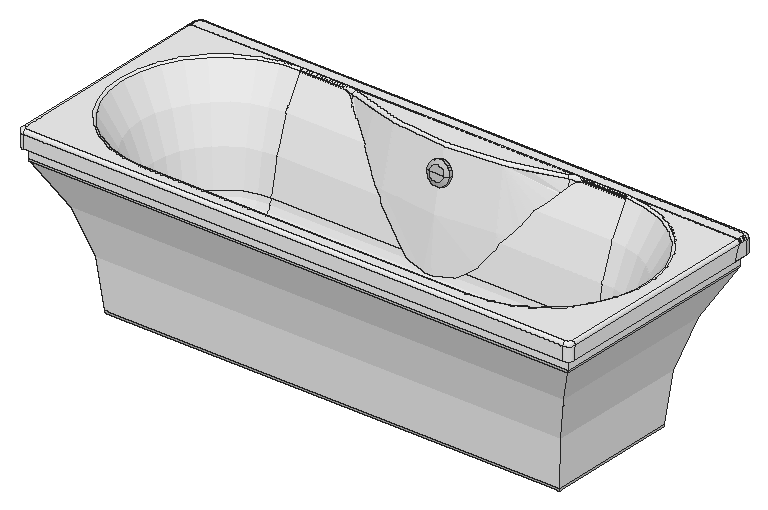
Revit family
Parameters (values of type "Sicily Bold")
  Width = 700 mm  # constant formula
  Waste Connection Radius = Waste Connection Diameter / 2  # 20 mm
  Waste Connection = 1 = 1  # yes
  Vent Connection = 1 = 0  # no
  URL = "http://www.librabath.co.za/"
  Surround Visibility = yes
  Product Code = ""
  Omniclass Title = "Bathtubs"
  Omniclass Number = "23.45.05.14.21"
  Not Surround = not(Surround Visibility)  # no
  Model = "Sicily Bold Bath"
  Manufacturer = "Libra Bathrooms"  # constant formula
  Length = 1700 mm  # constant formula
  Height with Surround = 525 mm  # constant formula
  Height = 420 mm  # constant formula
  HW Connection = 1 = 0  # no
  H = if(Surround Visibility, 525 mm, 420 mm)  # 525 mm
  Family created by = "www.rbuiltcomponents.com"
  Waste Connection Diameter = 40 mm
  CW Connection = 1 = 0  # no
  Body Finish = Acrylic-Libra-White
  Assembly Code = "D2010500"
Reference planes
  plane 1 "Bottom": z = 0
  plane 2 "Center (Left/Right)": x = 0
  plane 3 "Center (Front/Back)": y = -75
  plane 4 "Left": x = -850
  plane 5 "Right": x = 850
  plane 6 "Back": y = 275
  plane 7 "Front": y = -425
  plane 8 "Top": z = 525
Forms (mm)
  Sweep 1, solid, material "Acrylic-Libra-White" <- "Body Finish", visible <- "Surround Visibility"
    path origin (0, 0, 525) x (-1, 0, 0) y (0, -1, 0)
      loop
        line (830, 405) -> (-830, 405) -> (-830, -255) -> (830, -255) -> (830, 405)
    profile origin (-830, -75, 525) x (-1, 0, 0) y (0, 0, 1)
      loop
        line (0, -50) -> (-10, -50) -> (-10, -86.952)
        arc (-10, -86.952) -> (-106.783, -291.323) -> (-140, -515) r 769.712
        line (-140, -515) -> (-180, -515) -> (-180, -525) -> (-140, -525)
        arc (-140, -525) -> (-132.929, -522.071) -> (-130, -515) r 10
        arc (-130, -515) -> (-97.215, -294.229) -> (-1.689, -92.513) r 759.712
        arc (-1.689, -92.513) -> (-0.432, -89.858) -> (0, -86.952) r 10
        line (0, -86.952) -> (0, -50)
  Extrusion 2, solid, material "Acrylic-Libra-White" <- "Body Finish", visible <- "Surround Visibility"
    sketch origin (0, 0, 0) x (1, 0, 0) y (0, 1, 0)
      loop
        line (650, 75) -> (-650, 75) -> (-650, -225) -> (650, -225) -> (650, 75)
    from 0 to 10
Cuts and joins
  joined: Sweep 1, Extrusion 2
Lines and regions (mm)
  Masking region 1, visible <- "Surround Visibility"
    outline origin (0, -75, 0) x (1, 0, 0) y (0, 0, 1)
      loop
        arc (-840, 525) -> (-847.071, 522.071) -> (-850, 515) r 10
        line (-850, 515) -> (-850, 475) -> (-830, 475) -> (-830, 435)
        arc (-830, 435) -> (-731.78, 227.433) -> (-700.066, 0) r 759.712
        line (-700.066, 0) -> (700.066, 0)
        arc (700.066, 0) -> (731.78, 227.433) -> (830, 435) r 759.712
        line (830, 435) -> (830, 475) -> (850, 475) -> (850, 515)
        arc (850, 515) -> (847.071, 522.071) -> (840, 525) r 10
        line (840, 525) -> (-840, 525)
  Masking region 2, visible <- "Surround Visibility"
    outline origin (0, 0, 0) x (0, 1, 0) y (0, 0, 1)
      loop
        arc (-415, 525) -> (-422.071, 522.071) -> (-425, 515) r 10
        line (-425, 515) -> (-425, 475) -> (-405, 475) -> (-405, 435)
        arc (-405, 435) -> (-306.78, 227.433) -> (-275.066, 0) r 759.712
        line (-275.066, 0) -> (125.066, 0)
        arc (125.066, 0) -> (156.78, 227.433) -> (255, 435) r 759.712
        line (255, 435) -> (255, 475) -> (275, 475) -> (275, 515)
        arc (275, 515) -> (272.071, 522.071) -> (265, 525) r 10
        line (265, 525) -> (-415, 525)
  symbolic lines, style "Tub", visible <- "Surround Visibility"
    curve 1: line (-830, -75, 475) -> (830, -75, 475)
    curve 2: line (0, -405, 475) -> (0, 255, 475)
Dimensions and locks
  equal spacing: plane 4 "Left", plane 2 "Center (Left/Right)", plane 5 "Right"
  "Length": plane 4 "Left" to plane 5 "Right"
  equal spacing: plane 7 "Front", plane 3 "Center (Front/Back)", plane 6 "Back"
  "Width": plane 7 "Front" to plane 6 "Back"
  "H": plane 8 "Top" to plane 1 "Bottom"
  locked: plane 4 "Left" to Sweep 1 sketch curve at 20
  locked: Sweep 1 sketch curve to plane 5 "Right" at 20
  locked: Sweep 1 sketch curve to plane 6 "Back" at 20
  locked: plane 7 "Front" to Sweep 1 sketch curve at 20
  aligned and locked: Extrusion 2 sketch curve to Sweep 1  (x4)
  aligned and locked: plane 2 "Center (Left/Right)" to nested 1
  aligned and locked: plane 3 "Center (Front/Back)" to nested 1
  aligned and locked: plane 8 "Top" to nested 1
  aligned and locked: Masking region 1 sketch curve to plane 8 "Top"
  aligned and locked: Masking region 1 sketch curve to plane 4 "Left"
  aligned and locked: Masking region 1 sketch curve to plane 5 "Right"
  aligned and locked: Masking region 1 sketch curve to cut or joined group of Sweep 1, Extrusion 2  (x5)
  aligned and locked: curve 1 to Masking region 1
  aligned and locked: curve 1 to cut or joined group of Sweep 1, Extrusion 2
  aligned and locked: Masking region 2 sketch curve to plane 8 "Top"
  aligned and locked: Masking region 2 sketch curve to plane 7 "Front"
  aligned and locked: Masking region 2 sketch curve to plane 6 "Back"
  aligned and locked: Masking region 2 sketch curve to cut or joined group of Sweep 1, Extrusion 2  (x5)
  aligned and locked: curve 2 to Masking region 2
  aligned and locked: curve 2 to cut or joined group of Sweep 1, Extrusion 2
Automatic sketch dimensions
  Sweep 1 sketch curve to profile plane = 0 mm
  profile plane to Sweep 1 sketch curve = 1.689 mm
  Sweep 1 sketch curve to Sweep 1 sketch curve = 0 mm  (x7)
  profile plane to Sweep 1 sketch curve = 130 mm
  Sweep 1 sketch curve to plane 8 "Top" = 525 mm
  Sweep 1 sketch curve to Sweep 1 sketch curve = 36.952 mm
  Sweep 1 sketch curve to Sweep 1 sketch curve = 40 mm
  Sweep 1 sketch curve to Sweep 1 sketch curve = 8.311 mm
  Masking region 1 sketch curve to level = 0 mm
  plane 4 "Left" to Masking region 1 sketch curve = 10 mm
  Masking region 1 sketch curve to plane 5 "Right" = 10 mm
  Masking region 1 sketch curve to Masking region 1 sketch curve = 40 mm
  curve 1 to plane 5 "Right" = 20 mm
  Masking region 2 sketch curve to plane 7 "Front" = 10 mm
  plane 6 "Back" to Masking region 2 sketch curve = 10 mm
  Masking region 2 sketch curve to Masking region 2 sketch curve = 40 mm
  Masking region 2 sketch curve to level = 0 mm
  plane 6 "Back" to curve 2 = 20 mm
Nested families
  nested 1: "Libra-Siciliy_Bold" at (0, 0, 105), type "Sicily Bold"
Connectors
  piping at (0, 5, 112.5), driven by "Waste Connection Radius"
    settings: on nested 1, index 1
Definition of nested family "Libra-Siciliy_Bold"
  Parameters (values of type "Sicily Bold")
    Width = 700 mm  # constant formula
    Waste Connection Radius = Waste Connection Diameter / 2  # 20 mm
    Waste Connection = 1 = 1  # yes
    Vent Connection = 1 = 0  # no
    URL = "http://www.librabath.co.za/"
    Product Code = ""
    Omniclass Title = "Bathtubs"
    Omniclass Number = "23.45.05.14.21"
    Model = "Sicily Bold Bath"
    Mask Visibility = yes
    Manufacturer = "Libra Bathrooms"  # constant formula
    Length = 1700 mm  # constant formula
    Height = 420 mm  # constant formula
    HW Connection = 1 = 0  # no
    Family created by = "www.rbuiltcomponents.com"
    Waste Connection Diameter = 40 mm
    CW Connection = 1 = 0  # no
    Body Finish = Acrylic-Libra-White
    Assembly Code = "D2010500"
  Reference planes
    plane 1 "Bottom": z = 0
    plane 2 "Center (Left/Right)": x = 0
    plane 3 "Center (Front/Back)": y = -75
    plane 4 "Waste": y = 5
    plane 5 "Left": x = -850
    plane 6 "Right": x = 850
    plane 7 "Back": y = 275
    plane 8 "Front": y = -425
    plane 9 "Top": z = 420
  Forms (mm)
    Extrusion 1, solid, material "Acrylic-Libra-White" <- "Body Finish"
      sketch origin (0, 0, 0) x (1, 0, 0) y (0, 1, 0)
        loop
          arc (-385, 35) -> (-427.426, 17.426) -> (-445, -25) r 60
          line (-445, -25) -> (-445, -125)
          arc (-445, -125) -> (-427.426, -167.426) -> (-385, -185) r 60
          line (-385, -185) -> (385, -185)
          arc (385, -185) -> (427.426, -167.426) -> (445, -125) r 60
          line (445, -125) -> (445, -25)
          arc (445, -25) -> (427.426, 17.426) -> (385, 35) r 60
          line (385, 35) -> (-385, 35)
      from 0 to 25
    Revolve 2, solid, material "Chrome"
      sketch origin (0, 30, -145.236) x (0, 1, 0) y (0, 0, 1)
        loop
          line (-25, 178.305) -> (-4.743, 178.305) -> (4.013, 181.149)
          arc (4.013, 181.149) -> (4.347, 181.804) -> (3.692, 182.138) r 0.52
          line (3.692, 182.138) -> (-6.058, 178.97)
          arc (-6.058, 178.97) -> (-5.87, 179.787) -> (-6.562, 180.26) r 0.744
          line (-6.562, 180.26) -> (-25, 180.26) -> (-25, 178.305)
        axis (-25, 178.305) -> (-25, 182.138)
      angle from 0 to 360
    Revolve 3, solid, material "Chrome"
      sketch origin (-26.889, -566.974, 501.896) x (-0.140438, -0.967546, 0.210075) y (0.990089, -0.137241, 0.029798)
        loop
          line (-706.831, -73.076) -> (-720.694, -75.025) -> (-715.823, -109.684) -> (-708.351, -108.634) -> (-703.724, -95.184) -> (-706.831, -73.076)
        axis (-720.694, -75.025) -> (-706.831, -73.076)
      angle from 0 to 360
    Sweep 4, solid, material "Acrylic-Libra-White" <- "Body Finish"
      path origin (0, 0, 420) x (-1, 0, 0) y (0, -1, 0)
        loop
          arc (500, -235) -> (810, 75) -> (500, 385) r 310
          line (500, 385) -> (-500, 385)
          arc (-500, 385) -> (-810, 75) -> (-500, -235) r 310
          line (-500, -235) -> (500, -235)
      profile origin (-810, -75, 420) x (1, 0, 0) y (0, 0, 1)
        loop
          line (-0.222, 0) -> (-205, 0) -> (-205, -50) -> (25.285, -50)
          arc (25.285, -50) -> (81.412, -173.593) -> (110.59, -306.16) r 648.712
          arc (110.59, -306.16) -> (143.317, -369.552) -> (209.965, -395) r 100
          line (209.965, -395) -> (295, -395) -> (295, -385) -> (209.965, -385)
          arc (209.965, -385) -> (149.982, -362.097) -> (120.528, -305.044) r 90
          arc (120.528, -305.044) -> (82.871, -147.72) -> (8.007, -4.319) r 658.712
          arc (8.007, -4.319) -> (4.425, -1.145) -> (-0.222, 0) r 10
    Sweep 5, void
      path origin (0, 0, 0) x (1, 0, 0) y (0, 1, 0)
        loop
          line (-445, -25) -> (-445, -125)
          arc (-445, -125) -> (-427.426, -167.426) -> (-385, -185) r 60
          line (-385, -185) -> (-100, -185)
          arc (-100, -185) -> (-57.574, -167.426) -> (-40, -125) r 60
          line (-40, -125) -> (-40, -25)
          arc (-40, -25) -> (-57.574, 17.426) -> (-100, 35) r 60
          line (-100, 35) -> (-385, 35)
          arc (-385, 35) -> (-427.426, 17.426) -> (-445, -25) r 60
      profile origin (-445, -75, 0) x (1, 0, 0) y (0, 0, 1)
        loop
          line (0, 35) -> (-60, 35) -> (-60, 0) -> (20.207, 0) -> (0, 35)
    Revolve 6, solid, material "Acrylic-Libra-White" <- "Body Finish"
      sketch origin (0, 0, 0) x (0, 1, 0) y (0, 0, 1)
        loop
          line (5, 32.5) -> (5, 7.5) -> (30, 7.5)
          arc (30, 7.5) -> (33.536, 8.964) -> (35, 12.5) r 5
          line (35, 12.5) -> (35, 32.5) -> (5, 32.5)
        axis (5, 32.5) -> (5, 7.5)
      angle from 0 to 360
    Revolve 7, void
      sketch origin (0, 0, -90.682) x (0, 1, 0) y (0, 0, 1)
        loop
          line (-15, 120.706) -> (-15, 90.682) -> (5, 90.682) -> (5, 127.5) -> (-26.768, 127.5) -> (-15, 120.706)
        axis (5, 127.5) -> (5, 90.682)
      angle from 0 to 360
    Extrusion 8, solid, material "Acrylic-Libra-White" <- "Body Finish"
      sketch origin (0, 0, 0) x (1, 0, 0) y (0, 1, 0)
        loop
          arc (-500, -60) -> (-515, -75) -> (-500, -90) r 15
          line (-500, -90) -> (500, -90)
          arc (500, -90) -> (515, -75) -> (500, -60) r 15
          line (500, -60) -> (-500, -60)
      from 25 to 35
    Sweep 9, void
      path origin (0, 0, 420) x (-1, 0, 0) y (0, -1, 0)
        loop
          arc (830, -275) -> (844.142, -269.142) -> (850, -255) r 20
          line (850, -255) -> (850, 405)
          arc (850, 405) -> (844.142, 419.142) -> (830, 425) r 20
          line (830, 425) -> (-830, 425)
          arc (-830, 425) -> (-844.142, 419.142) -> (-850, 405) r 20
          line (-850, 405) -> (-850, -255)
          arc (-850, -255) -> (-844.142, -269.142) -> (-830, -275) r 20
          line (-830, -275) -> (830, -275)
      profile origin (0, 275, 420) x (0, 1, 0) y (0, 0, 1)
        loop
          arc (-10, 0) -> (-2.929, -2.929) -> (0, -10) r 10
          line (0, -10) -> (0, -50) -> (200, -50) -> (200, 0) -> (-10, 0)
    Sweep 10, void
      path origin (0, 0, 0) x (-1, 0, 0) y (0, 1, 0)
        loop
          line (-445, -25) -> (-445, -125)
          arc (-445, -125) -> (-427.426, -167.426) -> (-385, -185) r 60
          line (-385, -185) -> (-100, -185)
          arc (-100, -185) -> (-57.574, -167.426) -> (-40, -125) r 60
          line (-40, -125) -> (-40, -25)
          arc (-40, -25) -> (-57.574, 17.426) -> (-100, 35) r 60
          line (-100, 35) -> (-385, 35)
          arc (-385, 35) -> (-427.426, 17.426) -> (-445, -25) r 60
      profile origin (445, -75, 0) x (1, 0, 0) y (0, 0, 1)
        loop
          line (0, 35) -> (-20.207, 0) -> (60, 0) -> (60, 35) -> (0, 35)
    Sweep 11, solid, material "Acrylic-Libra-White" <- "Body Finish"
      path origin (0, 0, 420) x (-1, 0, 0) y (0, -1, 0)
        loop
          line (854.886, -235) -> (364.886, -235)
          arc (364.886, -235) -> (346.319, -233.261) -> (328.397, -228.105) r 100
          arc (328.397, -228.105) -> (0, -166.052) -> (-328.397, -228.105) r 900
          arc (-328.397, -228.105) -> (-346.319, -233.261) -> (-364.886, -235) r 100
          line (-364.886, -235) -> (-854.886, -235)
      profile origin (-609.886, 235, 420) x (0, 1, 0) y (0, 0, 1)
        loop
          arc (0.222, 0) -> (-5.865, -2.066) -> (-9.437, -7.412) r 10
          arc (-9.437, -7.412) -> (-50.65, -211.928) -> (-65.856, -420) r 1658.2
          line (-65.856, -420) -> (-55.855, -420)
          arc (-55.855, -420) -> (-43.404, -233.698) -> (-9.961, -50) r 1648.2
          line (-9.961, -50) -> (205, -50) -> (205, 0) -> (0.222, 0)
    Sweep 12, void
      path origin (0, 0, 420) x (-1, 0, 0) y (0, -1, 0)
        loop
          arc (810, 75) -> (719.203, -144.203) -> (500, -235) r 310
          line (500, -235) -> (-500, -235)
          arc (-500, -235) -> (-719.203, -144.203) -> (-810, 75) r 310
      profile origin (0, 235, 420) x (0, 1, 0) y (0, 0, 1)
        loop
          line (205, -50) -> (-31.076, -50)
          arc (-31.076, -50) -> (-86.617, -173.405) -> (-115.559, -305.602) r 653.712
          arc (-115.559, -305.602) -> (-129.709, -346.756) -> (-160, -378.002) r 100
          line (-160, -378.002) -> (-160, -420) -> (205, -420) -> (205, -50)
  Cuts and joins
    Sweep 5, Revolve 7, Sweep 10 cuts Extrusion 1
    Sweep 9 cuts Revolve 3
    Revolve 7, Sweep 9 cuts Sweep 4
    Revolve 7, Sweep 9 cuts Revolve 6
    Sweep 9 cuts Extrusion 8
    joined: Sweep 4, Revolve 6, Extrusion 8
    Sweep 9, Sweep 12 cuts Sweep 11
  Lines and regions (mm)
    Masking region 1
      outline origin (0, 0, 0) x (1, 0, 0) y (0, 1, 0)
        loop
          arc (-830, 275) -> (-844.142, 269.142) -> (-850, 255) r 20
          line (-850, 255) -> (-850, -405)
          arc (-850, -405) -> (-844.142, -419.142) -> (-830, -425) r 20
          line (-830, -425) -> (830, -425)
          arc (830, -425) -> (844.142, -419.142) -> (850, -405) r 20
          line (850, -405) -> (850, 255)
          arc (850, 255) -> (844.142, 269.142) -> (830, 275) r 20
          line (830, 275) -> (-830, 275)
    Masking region 2, visible <- "Mask Visibility"
      outline origin (0, -75, 0) x (1, 0, 0) y (0, 0, 1)
        loop
          arc (-845, 420) -> (-848.536, 418.536) -> (-850, 415) r 5
          line (-850, 415) -> (-850, 370) -> (-765, 370)
          arc (-765, 370) -> (-667.617, 251.208) -> (-592.515, 117.212) r 874.738
          arc (-592.515, 117.212) -> (-537.824, 53.236) -> (-457.286, 28.786) r 150
          line (-457.286, 28.786) -> (-391.016, 28.1) -> (-374.793, 0) -> (-109.793, 0) -> (-95.359, 25) -> (-44.226, 25) -> (-29.793, 0) -> (29.793, 0) -> (44.226, 25) -> (95.359, 25) -> (109.793, 0) -> (374.793, 0) -> (391.016, 28.1) -> (457.286, 28.786)
          arc (457.286, 28.786) -> (537.824, 53.236) -> (592.515, 117.212) r 150
          arc (592.515, 117.212) -> (667.617, 251.208) -> (765, 370) r 874.738
          line (765, 370) -> (850, 370) -> (850, 415)
          arc (850, 415) -> (848.536, 418.536) -> (845, 420) r 5
          line (845, 420) -> (-845, 420)
    Masking region 3, visible <- "Mask Visibility"
      outline origin (0, 0, 0) x (0, 1, 0) y (0, 0, 1)
        loop
          arc (-420, 420) -> (-423.536, 418.536) -> (-425, 415) r 5
          line (-425, 415) -> (-425, 370) -> (-360, 370)
          arc (-360, 370) -> (-304.068, 242.426) -> (-275.806, 106.027) r 668.093
          arc (-275.806, 106.027) -> (-246.638, 48.263) -> (-186.254, 25) r 90
          line (-186.254, 25) -> (-180.109, 25) -> (-165.676, 0) -> (15.676, 0) -> (30.109, 25) -> (36.254, 25)
          arc (36.254, 25) -> (96.638, 48.263) -> (125.806, 106.027) r 90
          arc (125.806, 106.027) -> (154.068, 242.426) -> (210, 370) r 668.093
          line (210, 370) -> (275, 370) -> (275, 415)
          arc (275, 415) -> (273.536, 418.536) -> (270, 420) r 5
          line (270, 420) -> (-420, 420)
    symbolic lines, detail levels fine
      curve 1: circle (0, 5, 150) r 20 normal (0, 0, -1)
      curve 2: circle (0, 5, 150) r 35 normal (0, 0, -1)
    symbolic lines, style "Tub", detail levels fine
      curve 3: line (400, 130, 0) -> (-400, 130, 0)
      curve 4: line (400, -280, 0) -> (-400, -280, 0)
      curve 16: arc (-400, 130, 0) -> (-605, -75, 0) -> (-400, -280, 0) r 205
      curve 17: arc (400, 130, 0) -> (605, -75, 0) -> (400, -280, 0) r 205
    symbolic lines, style "Tub"
      curve 5: line (500, 235, 0) -> (318.289, 235, 0)
      curve 6: line (500, -385, 0) -> (-500, -385, 0)
      curve 12: arc (-500, 235, 0) -> (-810, -75, 0) -> (-500, -385, 0) r 310
      curve 13: arc (500, 235, 0) -> (810, -75, 0) -> (500, -385, 0) r 310
      curve 14: arc (318.289, 235, 0) -> (0, 168.957, 0) -> (-318.289, 235, 0) r 800
      curve 15: line (-318.289, 235, 0) -> (-500, 235, 0)
    symbolic lines, style "Tub", visible <- "Mask Visibility"
      curve 7: line (-390.333, -75, 28.913) -> (-95.359, -75, 25)
      curve 8: line (0, -180.109, 25) -> (0, 28.383, 25)
      curve 9: line (-47.835, -75, 25) -> (47.835, -75, 25)
      curve 10: line (-765, -75, 370) -> (765, -75, 370)
      curve 11: line (0, -360, 370) -> (0, 210, 370)
      curve 18: line (390.333, -75, 28.913) -> (95.359, -75, 25)
  Dimensions and locks
    equal spacing: plane 5 "Left", plane 2 "Center (Left/Right)", plane 6 "Right"
    "Length": plane 5 "Left" to plane 6 "Right"
    equal spacing: plane 8 "Front", plane 3 "Center (Front/Back)", plane 7 "Back"
    "Width": plane 8 "Front" to plane 7 "Back"
    locked: plane 3 "Center (Front/Back)" to plane 4 "Waste" at 80
    plane 9 "Top" to plane 1 "Bottom" = 420 mm
    aligned and locked: cut or joined group of Extrusion 1, Sweep 5, Revolve 7, Sweep 10 to plane 1 "Bottom"
    aligned and locked: plane 7 "Back" to Masking region 1 sketch curve
    aligned and locked: plane 8 "Front" to Masking region 1 sketch curve
    aligned and locked: Masking region 1 sketch curve to plane 5 "Left"
    aligned and locked: Masking region 1 sketch curve to plane 6 "Right"
    aligned and locked: cut or joined group of Extrusion 1, Sweep 5, Revolve 7, Sweep 10 to Sweep 5 sketch curve  (x2)
    aligned and locked: Sweep 5 sketch curve to cut or joined group of Extrusion 1, Sweep 5, Revolve 7, Sweep 10
    aligned and locked: plane 4 "Waste" to Revolve 6 sketch curve
    aligned and locked: Masking region 2 sketch curve to plane 9 "Top"
    aligned and locked: Masking region 2 sketch curve to plane 5 "Left"
    aligned and locked: Masking region 2 to curve 10
    aligned and locked: Masking region 3 sketch curve to plane 9 "Top"
    aligned and locked: Masking region 3 sketch curve to plane 8 "Front"
    aligned and locked: Masking region 3 to curve 11
    aligned and locked: profile plane to Sweep 4 sketch curve
    aligned and locked: plane 7 "Back" to Sweep 9 sketch curve
    aligned and locked: Sweep 9 sketch curve to plane 6 "Right"
    aligned and locked: Sweep 9 sketch curve to profile plane
    aligned and locked: Masking region 2 to curve 7
    aligned and locked: curve 8 to cut or joined group of Extrusion 1, Sweep 5, Revolve 7, Sweep 10
    aligned: Masking region 3 to curve 8
  Automatic sketch dimensions
    curve 1 to curve 2 = 0 mm  (x2)
    curve 2 to plane 2 "Center (Left/Right)" = 0 mm
    curve 2 to plane 4 "Waste" = 0 mm
    plane 5 "Left" to Masking region 1 sketch curve = 20 mm  (x2)
    Masking region 1 sketch curve to plane 6 "Right" = 20 mm  (x2)
    plane 3 "Center (Front/Back)" to Extrusion 1 sketch curve = 50 mm
    plane 5 "Left" to Extrusion 1 sketch curve = 405 mm
    Extrusion 1 sketch curve to Extrusion 1 sketch curve = 60 mm  (x2)
    Extrusion 1 sketch curve to plane 4 "Waste" = 30 mm
    plane 2 "Center (Left/Right)" to Extrusion 1 sketch curve = 385 mm
    plane 4 "Waste" to Extrusion 1 sketch curve = 30 mm
    Extrusion 1 sketch curve to Extrusion 1 sketch curve = 0 mm
    Revolve 2 sketch curve to plane 4 "Waste" = 0 mm  (x2)
    Revolve 2 sketch curve to Revolve 2 sketch curve = 18.437 mm
    Revolve 2 sketch curve to Revolve 2 sketch curve = 0.504 mm
    Revolve 2 sketch curve to Revolve 2 sketch curve = 1.315 mm
    Revolve 2 sketch curve to Revolve 2 sketch curve = 8.435 mm
    Revolve 2 sketch curve to Revolve 2 sketch curve = 0.161 mm  (x2)
    level to Revolve 2 sketch curve = 10.513 mm
    Revolve 2 sketch curve to Revolve 2 sketch curve = 22.555 mm
    Revolve 2 sketch curve to Revolve 2 sketch curve = 0.666 mm
    Revolve 2 sketch curve to Revolve 2 sketch curve = 0.547 mm
    Revolve 2 sketch curve to Revolve 2 sketch curve = 2.845 mm
    Revolve 2 sketch curve to Revolve 2 sketch curve = 0.494 mm
    Revolve 2 sketch curve to Revolve 2 sketch curve = 14.051 mm
    Sweep 4 sketch curve to plane 3 "Center (Front/Back)" = 0 mm
    Sweep 4 sketch curve to plane 8 "Front" = 40 mm
    Sweep 4 sketch curve to plane 6 "Right" = 350 mm
    plane 5 "Left" to Sweep 4 sketch curve = 350 mm
    Sweep 4 sketch curve to Sweep 4 sketch curve = 0 mm  (x7)
    profile plane to Sweep 4 sketch curve = 534.069 mm
    Sweep 4 sketch curve to plane 9 "Top" = 50 mm
    profile plane to Sweep 4 sketch curve = 205 mm
    profile plane to Sweep 4 sketch curve = 0.222 mm
    Sweep 4 sketch curve to plane 9 "Top" = 4.319 mm
    Sweep 4 sketch curve to profile plane = 8.007 mm
    Sweep 4 sketch curve to profile plane = 25.285 mm
    Sweep 4 sketch curve to profile plane = 110.59 mm
    Sweep 4 sketch curve to Sweep 4 sketch curve = 89.438 mm
    Sweep 4 sketch curve to Sweep 4 sketch curve = 85.035 mm
    Revolve 6 sketch curve to plane 4 "Waste" = 0 mm
    Revolve 6 sketch curve to level = 0 mm
    level to Revolve 6 sketch curve = 7.5 mm
    Revolve 6 sketch curve to Revolve 6 sketch curve = 25 mm  (x3)
    Revolve 6 sketch curve to Revolve 6 sketch curve = 5 mm
    Revolve 7 sketch curve to level = 0 mm
    Revolve 7 sketch curve to plane 4 "Waste" = 0 mm  (x2)
    plane 4 "Waste" to Revolve 7 sketch curve = 20 mm
    Revolve 7 sketch curve to Revolve 7 sketch curve = 11.768 mm
    level to Revolve 7 sketch curve = 17.318 mm
    Revolve 7 sketch curve to Revolve 7 sketch curve = 12.706 mm
    Revolve 7 sketch curve to Revolve 7 sketch curve = 19.5 mm
    Revolve 7 sketch curve to Revolve 7 sketch curve = 25.5 mm
    Extrusion 8 sketch curve to plane 3 "Center (Front/Back)" = 0 mm
    Extrusion 8 sketch curve to plane 3 "Center (Front/Back)" = 15 mm
    plane 5 "Left" to Extrusion 8 sketch curve = 350 mm
    Extrusion 8 sketch curve to plane 6 "Right" = 350 mm
    Sweep 9 sketch curve to plane 8 "Front" = 0 mm
    Sweep 9 sketch curve to plane 5 "Left" = 0 mm
    Sweep 9 sketch curve to plane 6 "Right" = 20 mm  (x2)
    plane 5 "Left" to Sweep 9 sketch curve = 20 mm  (x2)
    Sweep 9 sketch curve to profile plane = 0 mm
    profile plane to Sweep 9 sketch curve = 10 mm
    Sweep 9 sketch curve to profile plane = 200 mm
    Sweep 9 sketch curve to Sweep 9 sketch curve = 40 mm
    Sweep 10 sketch curve to plane 4 "Waste" = 30 mm  (x2)
    plane 6 "Right" to Sweep 10 sketch curve = 405 mm
    Sweep 10 sketch curve to Sweep 10 sketch curve = 60 mm  (x3)
    Sweep 10 sketch curve to plane 2 "Center (Left/Right)" = 100 mm
    Sweep 10 sketch curve to plane 3 "Center (Front/Back)" = 50 mm
    Sweep 11 sketch curve to plane 2 "Center (Left/Right)" = 0 mm
    plane 7 "Back" to Sweep 11 sketch curve = 46.895 mm  (x2)
    plane 2 "Center (Left/Right)" to Sweep 11 sketch curve = 328.397 mm
    Sweep 11 sketch curve to Sweep 11 sketch curve = 0 mm  (x5)
    Sweep 11 sketch curve to Sweep 11 sketch curve = 36.489 mm  (x2)
    plane 6 "Right" to Sweep 11 sketch curve = 4.886 mm
    Sweep 11 sketch curve to plane 5 "Left" = 4.886 mm
    Sweep 11 sketch curve to Sweep 11 sketch curve = 6.895 mm
    Sweep 11 sketch curve to plane 9 "Top" = 0 mm
    profile plane to Sweep 11 sketch curve = 65.856 mm
    Sweep 11 sketch curve to Sweep 11 sketch curve = 10.001 mm
    profile plane to Sweep 11 sketch curve = 9.961 mm
    profile plane to Sweep 11 sketch curve = 9.437 mm
    Sweep 11 sketch curve to profile plane = 0.222 mm
    Sweep 11 sketch curve to Sweep 11 sketch curve = 204.778 mm
    Sweep 11 sketch curve to plane 9 "Top" = 436.586 mm
    Sweep 11 sketch curve to Sweep 11 sketch curve = 1387.261 mm
    Sweep 12 sketch curve to plane 3 "Center (Front/Back)" = 0 mm  (x2)
    Sweep 12 sketch curve to plane 6 "Right" = 40 mm
    plane 7 "Back" to Sweep 12 sketch curve = 40 mm
    plane 5 "Left" to Sweep 12 sketch curve = 350 mm
    plane 5 "Left" to Sweep 12 sketch curve = 40 mm
    Sweep 12 sketch curve to Sweep 12 sketch curve = 310 mm
    Sweep 12 sketch curve to Sweep 12 sketch curve = 44.441 mm
    Sweep 12 sketch curve to Sweep 12 sketch curve = 0 mm
    profile plane to Sweep 12 sketch curve = 31.076 mm
    Sweep 12 sketch curve to profile plane = 205 mm
    Sweep 12 sketch curve to plane 9 "Top" = 420 mm
    Sweep 12 sketch curve to Sweep 12 sketch curve = 41.998 mm
    Sweep 12 sketch curve to Sweep 12 sketch curve = 41.443 mm
    Sweep 12 sketch curve to Sweep 12 sketch curve = 54.934 mm
    Sweep 12 sketch curve to Sweep 12 sketch curve = 329.069 mm
    Sweep 12 sketch curve to Sweep 12 sketch curve = 84.483 mm
    plane 2 "Center (Left/Right)" to Revolve 3 sketch curve = 0.083 mm
    Revolve 3 sketch curve to Revolve 3 sketch curve = 31.022 mm
    Revolve 3 sketch curve to Revolve 3 sketch curve = 4.871 mm
    Revolve 3 sketch curve to Revolve 3 sketch curve = 7.473 mm
    Revolve 3 sketch curve to Revolve 3 sketch curve = 13.54 mm
    Revolve 3 sketch curve to Revolve 3 sketch curve = 0.324 mm
    Revolve 3 sketch curve to Revolve 3 sketch curve = 4.627 mm
    Revolve 3 sketch curve to Revolve 3 sketch curve = 15.8 mm
    Revolve 3 sketch curve to Revolve 3 sketch curve = 13.449 mm
    Revolve 3 sketch curve to Revolve 3 sketch curve = 0.046 mm
    curve 12 to plane 3 "Center (Front/Back)" = 0 mm
    curve 14 to plane 2 "Center (Left/Right)" = 0 mm
    curve 13 to plane 3 "Center (Front/Back)" = 0 mm
    plane 7 "Back" to curve 14 = 40 mm
    curve 14 to plane 2 "Center (Left/Right)" = 318.289 mm
    curve 16 to curve 15 = 81.711 mm
    curve 12 to curve 16 = 100 mm
    curve 17 to plane 8 "Front" = 145 mm
    plane 2 "Center (Left/Right)" to curve 17 = 400 mm
    curve 17 to curve 13 = 100 mm
    curve 14 to plane 7 "Back" = 693.957 mm
    curve 17 to plane 3 "Center (Front/Back)" = 0 mm
    Masking region 2 sketch curve to level = 0 mm  (x3)
    Masking region 2 sketch curve to plane 6 "Right" = 0 mm
    Masking region 2 sketch curve to level = 241.817 mm  (x2)
    Masking region 2 sketch curve to plane 5 "Left" = 540.177 mm
    plane 5 "Left" to Masking region 2 sketch curve = 5 mm
    plane 5 "Left" to Masking region 2 sketch curve = 85 mm
    plane 5 "Left" to Masking region 2 sketch curve = 257.485 mm
    Masking region 2 sketch curve to Masking region 2 sketch curve = 0 mm  (x2)
    level to Masking region 2 sketch curve = 28.786 mm  (x2)
    Masking region 2 sketch curve to Masking region 2 sketch curve = 135.229 mm
    Masking region 2 sketch curve to Masking region 2 sketch curve = 136.783 mm  (x2)
    level to Masking region 2 sketch curve = 28.1 mm  (x2)
    Masking region 2 sketch curve to Masking region 2 sketch curve = 66.27 mm  (x2)
    Masking region 2 sketch curve to Masking region 2 sketch curve = 16.223 mm  (x2)
    Masking region 2 sketch curve to plane 2 "Center (Left/Right)" = 109.793 mm
    level to Masking region 2 sketch curve = 25 mm  (x2)
    Masking region 2 sketch curve to Masking region 2 sketch curve = 14.434 mm  (x4)
    Masking region 2 sketch curve to plane 2 "Center (Left/Right)" = 44.226 mm
    plane 2 "Center (Left/Right)" to Masking region 2 sketch curve = 29.793 mm
    Masking region 2 sketch curve to Masking region 2 sketch curve = 51.132 mm
    Masking region 2 sketch curve to Masking region 2 sketch curve = 265 mm
    Masking region 2 sketch curve to Masking region 2 sketch curve = 64.716 mm
    Masking region 2 sketch curve to plane 9 "Top" = 50 mm
    Masking region 2 sketch curve to Masking region 2 sketch curve = 85 mm
    Masking region 2 sketch curve to plane 6 "Right" = 5 mm
    plane 5 "Left" to curve 10 = 85 mm
    level to curve 7 = 28.913 mm
    curve 7 to plane 2 "Center (Left/Right)" = 390.333 mm
    level to curve 7 = 25 mm
    curve 9 to plane 2 "Center (Left/Right)" = 47.835 mm
    plane 2 "Center (Left/Right)" to curve 9 = 47.835 mm
    level to curve 18 = 25 mm
    curve 9 to curve 18 = 47.524 mm
    level to curve 18 = 28.913 mm
    curve 18 to curve 18 = 294.974 mm
    curve 10 to plane 6 "Right" = 85 mm
    level to curve 9 = 25 mm
    Sweep 5 sketch curve to Sweep 5 sketch curve = 60 mm  (x3)
    plane 4 "Waste" to Sweep 5 sketch curve = 30 mm  (x2)
    Sweep 5 sketch curve to plane 2 "Center (Left/Right)" = 100 mm
    Sweep 5 sketch curve to plane 1 "Bottom" = 0 mm
    Sweep 5 sketch curve to profile plane = 0 mm
    Sweep 5 sketch curve to profile plane = 20.207 mm
    plane 1 "Bottom" to Sweep 5 sketch curve = 35 mm
    Sweep 10 sketch curve to plane 1 "Bottom" = 0 mm
    Sweep 10 sketch curve to profile plane = 0 mm
    profile plane to Sweep 10 sketch curve = 20.207 mm
    Sweep 10 sketch curve to profile plane = 60 mm
    plane 1 "Bottom" to Sweep 10 sketch curve = 35 mm
    Masking region 3 sketch curve to level = 0 mm
    Masking region 3 sketch curve to plane 7 "Back" = 0 mm
    level to Masking region 3 sketch curve = 39.414 mm  (x2)
    plane 8 "Front" to Masking region 3 sketch curve = 515.569 mm
    Masking region 3 sketch curve to Masking region 3 sketch curve = 5 mm
    Masking region 3 sketch curve to Masking region 3 sketch curve = 65 mm  (x2)
    Masking region 3 sketch curve to plane 8 "Front" = 149.194 mm
    Masking region 3 sketch curve to Masking region 3 sketch curve = 0 mm  (x2)
    level to Masking region 3 sketch curve = 25 mm
    plane 3 "Center (Front/Back)" to Masking region 3 sketch curve = 111.254 mm
    Masking region 3 sketch curve to Masking region 3 sketch curve = 6.145 mm  (x2)
    Masking region 3 sketch curve to Masking region 3 sketch curve = 14.434 mm
    Masking region 3 sketch curve to plane 4 "Waste" = 10.676 mm
    Masking region 3 sketch curve to plane 4 "Waste" = 25.109 mm
    Masking region 3 sketch curve to Masking region 3 sketch curve = 89.552 mm
    Masking region 3 sketch curve to plane 9 "Top" = 50 mm
    plane 7 "Back" to Masking region 3 sketch curve = 5 mm
    Masking region 3 sketch curve to Masking region 3 sketch curve = 515.569 mm
    curve 11 to plane 8 "Front" = 65 mm
    plane 3 "Center (Front/Back)" to curve 8 = 105.109 mm
    curve 8 to plane 4 "Waste" = 23.383 mm
    plane 7 "Back" to curve 11 = 65 mm
    radius of curve 1 = 20 mm
    radius of curve 2 = 35 mm
